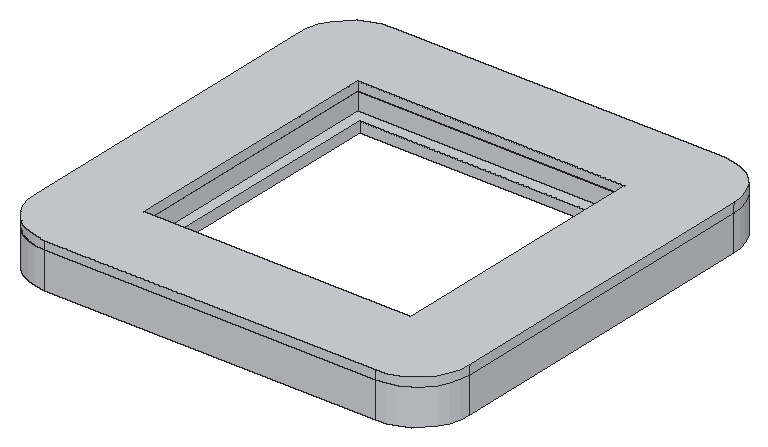
Revit family "Gira_0211417", category Electrical Fixtures, host Face, Revit 2017
Family settings
  Host = Face
  Maintain Annotation Orientation = No
  Round Connector Dimension = Use Diameter
  Part Type = Normal
  Cut with Voids When Loaded = No
  Shared = No
  Room Calculation Point = No
Parameters (values of type "Abdeckrahmen 1f Gira E3 Sand/Reinweiß")
  Werkstoffgüte = "sonstige"
  Werkstoff = "sonstige"
  URL = "http://katalog.gira.de/de_DE/datenblatt.html?artikelnr=0211417"
  Transparent = "No"
  Textfeld/Beschriftungsfläche = "No"
  Schutzart (IP) = "IP20"
  Region = "DE"
  Oberfläche = "sonstige"
  Name = "Abdeckrahmen 1f Gira E3 Sand/Reinweiß"
  Montagerichtung = "horizontal und vertikal"
  Mit Montagerahmen = "No"
  Mit Klappdeckel = "No"
  Manufacturer URL = "https://www.gira.de/"
  Keynote = "E3_Rahmen_1fach"
  HeinzeBIM = "https://bimportal.heinze.de/bim/abdeckrahmen-1f-gira-e3-sand-reinweiss/5b8672b66634e8e5419257eefb374ff0dca722a7"
  Halogenfrei = "Yes"
  HAN = "0211417"
  Geeignet für Unterputz-Installation = "Yes"
  Geeignet für Unterflurkanaldose = "No"
  Geeignet für Geräteeinbaukanal = "No"
  Geeignet für Einbauinstallation = "No"
  GTIN = "4010337024514"
  Farbe = "sonstige"
  Default Elevation = 1219.2 mm
  Data sheet (1) = "https://katalog.gira.de/de_DE/download.html?artikelnr=0211417"
  Category = "Abdeckrahmen"
  Befestigungsart = "Klemmbefestigung"
  Available = "Yes"
  Anzahl der Einheiten vertikal = "1 "
  Anzahl der Einheiten horizontal = "1 "
  Anzahl der Einheiten = "1 "
Reference planes
  plane 1 "Center (Front/Back)": y = 0
  plane 2: z = 0
  plane 3 "Center (Left/Right)": x = 0
Forms (mm)
  Extrusion 1, solid, detail levels fine
    sketch origin (0, 0, 0) x (1, 0, 0) y (0, 1, 0)
      loop
        arc (-34.8, 45.809) -> (-42.585, 42.585) -> (-45.809, 34.8) r 11.009
        line (-45.809, 34.8) -> (-45.809, -34.8)
        arc (-45.809, -34.8) -> (-42.585, -42.585) -> (-34.8, -45.809) r 11.009
        line (-34.8, -45.809) -> (34.8, -45.809)
        arc (34.8, -45.809) -> (42.585, -42.585) -> (45.809, -34.8) r 11.009
        line (45.809, -34.8) -> (45.809, 34.8)
        arc (45.809, 34.8) -> (42.585, 42.585) -> (34.8, 45.809) r 11.009
        line (34.8, 45.809) -> (-34.8, 45.809)
      loop
        line (28.187, 28.156) -> (-28.187, 28.156) -> (-28.187, -28.156) -> (28.187, -28.156) -> (28.187, 28.156)
    from 7.65 to 9.5
  Extrusion 2, solid, detail levels fine
    sketch origin (0, 0, 0) x (1, 0, 0) y (0, 1, 0)
      loop
        line (25.7, 25.7) -> (-25.7, 25.7) -> (-25.7, -25.7) -> (25.7, -25.7) -> (25.7, 25.7)
      loop
        line (-28.187, -28.156) -> (28.187, -28.156) -> (28.187, 28.156) -> (-28.187, 28.156) -> (-28.187, -28.156)
    from 1.65 to 3.9
  Extrusion 3, solid, detail levels fine
    sketch origin (0, 0, 0) x (1, 0, 0) y (0, 1, 0)
      loop
        arc (-34.8, 45.809) -> (-42.585, 42.585) -> (-45.809, 34.8) r 11.009
        line (-45.809, 34.8) -> (-45.809, -34.8)
        arc (-45.809, -34.8) -> (-42.585, -42.585) -> (-34.8, -45.809) r 11.009
        line (-34.8, -45.809) -> (34.8, -45.809)
        arc (34.8, -45.809) -> (42.585, -42.585) -> (45.809, -34.8) r 11.009
        line (45.809, -34.8) -> (45.809, 34.8)
        arc (45.809, 34.8) -> (42.585, 42.585) -> (34.8, 45.809) r 11.009
        line (34.8, 45.809) -> (-34.8, 45.809)
      loop
        line (-43.843, 34.785) -> (-43.843, -34.785)
        arc (-43.843, -34.785) -> (-41.19, -41.19) -> (-34.785, -43.843) r 9.058
        line (-34.785, -43.843) -> (34.785, -43.843)
        arc (34.785, -43.843) -> (41.19, -41.19) -> (43.843, -34.785) r 9.058
        line (43.843, -34.785) -> (43.843, 34.785)
        arc (43.843, 34.785) -> (41.19, 41.19) -> (34.785, 43.843) r 9.058
        line (34.785, 43.843) -> (-34.785, 43.843)
        arc (-34.785, 43.843) -> (-41.19, 41.19) -> (-43.843, 34.785) r 9.058
    from 0 to 7.65
  Extrusion 4, solid, detail levels fine
    sketch origin (0, 0, 0) x (1, 0, 0) y (0, 1, 0)
      loop
        line (-27.337, -31.075) -> (27.337, -31.075)
        arc (27.337, -31.075) -> (29.98, -29.98) -> (31.075, -27.337) r 3.739
        line (31.075, -27.337) -> (31.075, 27.337)
        arc (31.075, 27.337) -> (29.98, 29.98) -> (27.337, 31.075) r 3.739
        line (27.337, 31.075) -> (-27.337, 31.075)
        arc (-27.337, 31.075) -> (-29.98, 29.98) -> (-31.075, 27.337) r 3.739
        line (-31.075, 27.337) -> (-31.075, -27.337)
        arc (-31.075, -27.337) -> (-29.98, -29.98) -> (-27.337, -31.075) r 3.739
      loop
        line (-29.925, 27.537) -> (-29.925, -27.537)
        arc (-29.925, -27.537) -> (-29.226, -29.226) -> (-27.537, -29.925) r 2.389
        line (-27.537, -29.925) -> (27.537, -29.925)
        arc (27.537, -29.925) -> (29.226, -29.226) -> (29.925, -27.537) r 2.389
        line (29.925, -27.537) -> (29.925, 27.537)
        arc (29.925, 27.537) -> (29.226, 29.226) -> (27.537, 29.925) r 2.389
        line (27.537, 29.925) -> (-27.537, 29.925)
        arc (-27.537, 29.925) -> (-29.226, 29.226) -> (-29.925, 27.537) r 2.389
    from 1.65 to 7.65
  Extrusion 5, solid, detail levels fine
    sketch origin (0, 0, 0) x (1, 0, 0) y (0, 1, 0)
      loop
        line (-32.053, -39.8) -> (32.053, -39.8)
        arc (32.053, -39.8) -> (37.667, -36.708) -> (39.9, -30.7) r 9.2
        line (39.9, -30.7) -> (39.9, 30.7)
        arc (39.9, 30.7) -> (37.205, 37.205) -> (30.7, 39.9) r 9.2
        line (30.7, 39.9) -> (-30.7, 39.9)
        arc (-30.7, 39.9) -> (-37.205, 37.205) -> (-39.9, 30.7) r 9.2
        line (-39.9, 30.7) -> (-39.9, -30.7)
        arc (-39.9, -30.7) -> (-37.667, -36.708) -> (-32.053, -39.8) r 9.2
      loop
        line (-30.7, -31.7) -> (30.7, -31.7)
        arc (30.7, -31.7) -> (31.407, -31.407) -> (31.7, -30.7) r 1
        line (31.7, -30.7) -> (31.7, 30.7)
        arc (31.7, 30.7) -> (31.407, 31.407) -> (30.7, 31.7) r 1
        line (30.7, 31.7) -> (-30.7, 31.7)
        arc (-30.7, 31.7) -> (-31.407, 31.407) -> (-31.7, 30.7) r 1
        line (-31.7, 30.7) -> (-31.7, -30.7)
        arc (-31.7, -30.7) -> (-31.407, -31.407) -> (-30.7, -31.7) r 1
    from 1.65 to 3.9
  Extrusion 6, solid, detail levels fine
    sketch origin (0, 0, 0) x (1, 0, 0) y (0, 1, 0)
      loop
        line (-28.187, 28.156) -> (-28.187, -28.156) -> (28.187, -28.156) -> (28.187, 28.156) -> (-28.187, 28.156)
      loop
        line (-29.925, 29.925) -> (-29.925, -29.925) -> (29.925, -29.925) -> (29.925, 29.925) -> (-29.925, 29.925)
    from 1.65 to 7.65
  Extrusion 7, solid, detail levels coarse+medium
    sketch origin (0, 0, 0) x (1, 0, 0) y (0, 1, 0)
      loop
        line (-45.809, 45.809) -> (-45.809, -45.809) -> (45.809, -45.809) -> (45.809, 45.809) -> (-45.809, 45.809)
    from 0 to 9.5
Dimensions and locks
  aligned and locked: plane 2 to host face
  aligned and locked: level to host face
